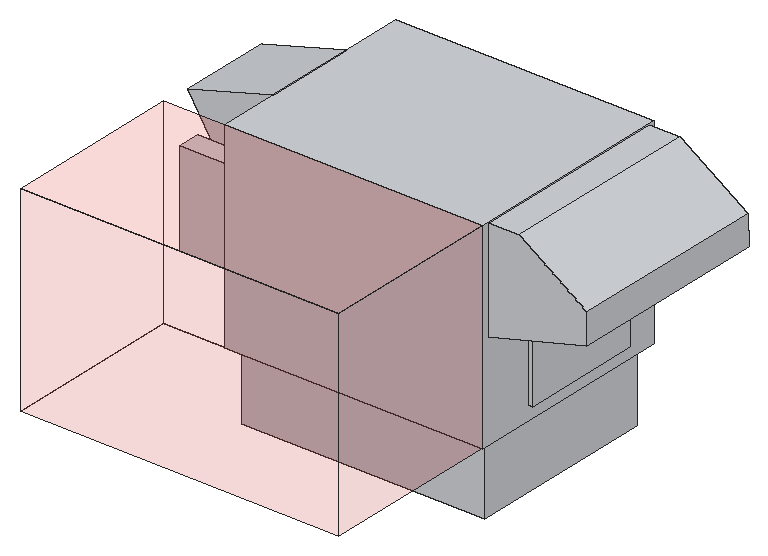
Revit family
Parameters (values of type "208 V Three Phase")
  Weight Scheduled [instance] = 488  # constant formula
  Voltage Workaround = Voltage / 1 V  # 208
  Voltage Scheduled = Voltage  # 208 V
  Voltage = 208 V
  VoltAmps Workaround [instance] = Voltage Workaround * Total FLA * sqrt(Phase)  # 0
  VoltAmps [instance] = VoltAmps Workaround * 1 VA  # 0 VA
  VFD [instance] = no
  URL = "http://www.renewaire.com/_assets/files/SubmittalForms/HE2XRTSubmittal.pdf"
  Total FLA [instance] = if(or(Supply Motor FLA = 0, Exhaust Motor FLA = 0), 0, (Supply Motor FLA * Supply Motor Count) + (Exhaust Motor FLA * Exhaust Motor Count))  # 0
  Supply Motor RPM Scheduled [instance] = Supply Motor RPM  # 0
  Supply Motor RPM [instance] = if(and(or(Supply ESP = 0, Supply ESP > 0), Supply ESP < 0.25), if(Supply Motor HP = 1.5, if(Supply CFM > 1970 CFM, 0, if(Supply CFM > 1765 CFM, 1504, if(Supply CFM > 1560 CFM, 1348, 1192))), if(Supply Motor HP = 2, if(Supply CFM > 2194 CFM, 0, if(Supply CFM > 2087 CFM, 1594, 1516)), 0)), if(and(or(Supply ESP = 0.25, Supply ESP > 0.25), Supply ESP < 0.5), if(Supply Motor HP = 1.5, if(Supply CFM > 1900 CFM, 0, if(Supply CFM > 1685 CFM, 1504, if(Supply CFM > 1460 CFM, 1348, 1192))), if(Supply Motor HP = 2, if(Supply CFM > 2110 CFM, 0, if(Supply CFM > 2000 CFM, 1594, 1516)), 0)), if(and(or(Supply ESP = 0.5, Supply ESP > 0.5), Supply ESP < 0.75), if(Supply Motor HP = 1.5, if(Supply CFM > 1800 CFM, 0, if(Supply CFM > 1560 CFM, 1504, if(Supply CFM > 1300 CFM, 1348, 1192))), if(Supply Motor HP = 2, if(Supply CFM > 2145 CFM, 0, if(Supply CFM > 2035 CFM, 1671, if(Supply CFM > 1915 CFM, 1594, 1516))), 0)), if(and(or(Supply ESP = 0.75, Supply ESP > 0.75), Supply ESP < 1), if(Supply Motor HP = 1.5, if(Supply CFM > 1670 CFM, 0, if(Supply CFM > 1380 CFM, 1504, if(Supply CFM > 1100 CFM, 1348, 1192))), if(Supply Motor HP = 2, if(Supply CFM > 2050 CFM, 0, if(Supply CFM > 1920 CFM, 1671, if(Supply CFM > 1775 CFM, 1594, 1516))), 0)), if(and(or(Supply ESP = 1, Supply ESP > 1), Supply ESP < 1.25), if(Supply Motor HP = 1.5, if(Supply CFM > 1500 CFM, 0, if(Supply CFM > 1210 CFM, 1504, if(Supply CFM > 845 CFM, 1348, 1192))), if(Supply Motor HP = 2, if(Supply CFM > 1905 CFM, 0, if(Supply CFM > 1765 CFM, 1671, if(Supply CFM > 1635 CFM, 1594, 1516))), 0)), if(and(or(Supply ESP = 1.25, Supply ESP > 1.25), Supply ESP < 1.5), if(Supply Motor HP = 1.5, if(Supply CFM > 1345 CFM, 0, if(Supply CFM > 945 CFM, 1504, 1348)), if(Supply Motor HP = 2, if(Supply CFM > 1775 CFM, 0, if(Supply CFM > 1630 CFM, 1671, if(Supply CFM > 1475 CFM, 1594, 1516))), 0)), if(Supply ESP = 1.5, if(Supply Motor HP = 1.5, if(Supply CFM > 1135 CFM, 0, if(Supply CFM > 650 CFM, 1504, 1348)), if(Supply Motor HP = 2, if(Supply CFM > 1640 CFM, 0, if(Supply CFM > 1470 CFM, 1671, if(Supply CFM > 1260 CFM, 1594, 1516))), 0)), 0)))))))  # 0
  Supply Motor HP Scheduled [instance] = Supply Motor HP  # 0
  Supply Motor HP [instance] = 0
  Supply Motor FLA [instance] = if(VFD, if(Supply Motor BHP = 0, 0, if(Supply Motor HP = 1.5, if(and(or(Voltage = 208 V, Voltage = 230 V), Phase = 1), 4.8, if(and(or(Voltage = 208 V, Voltage = 230 V), Phase = 3), 4.8, if(and(Voltage = 460 V, Phase = 3), 2.4, if(and(Voltage = 575 V, Phase = 3), 1.8, 0)))), if(Supply Motor HP = 2, if(and(or(Voltage = 208 V, Voltage = 230 V), Phase = 1), 6.1, if(and(or(Voltage = 208 V, Voltage = 230 V), Phase = 3), 6.1, if(and(Voltage = 460 V, Phase = 3), 2.9, if(and(Voltage = 575 V, Phase = 3), 2.4, 0)))), 0))), if(Supply Motor BHP = 0, 0, if(Supply Motor HP = 1.5, if(and(Voltage = 115 V, Phase = 1), 15.2, if(and(or(Voltage = 208 V, Voltage = 230 V), Phase = 1), 8.2, if(and(or(Voltage = 208 V, Voltage = 230 V), Phase = 3), 4.6, if(and(Voltage = 460 V, Phase = 3), 2.4, if(and(Voltage = 575 V, Phase = 3), 1.8, 0))))), if(Supply Motor HP = 2, if(and(Voltage = 115 V, Phase = 1), 20, if(and(or(Voltage = 208 V, Voltage = 230 V), Phase = 1), 10.8, if(and(or(Voltage = 208 V, Voltage = 230 V), Phase = 3), 6.1, if(and(Voltage = 460 V, Phase = 3), 2.9, if(and(Voltage = 575 V, Phase = 3), 2.4, 0))))), 0))))  # 0
  Supply Motor Count Scheduled [instance] = Supply Motor Count  # 0
  Supply Motor Count [instance] = if(Supply Motor HP = 0.75, 2, if(Supply Motor HP = 1.5, 1, if(Supply Motor HP = 2, 1, 0)))  # 0
  Supply Motor BHP [instance] = if(and(or(Supply ESP = 0, Supply ESP > 0), Supply ESP < 0.25), if(Supply Motor HP = 1.5, if(Supply CFM > 1970 CFM, 0, if(Supply CFM > 1765 CFM, 1.5, if(Supply CFM > 1560 CFM, 1.1, 0.7))), if(Supply Motor HP = 2, if(Supply CFM > 2194 CFM, 0, if(Supply CFM > 2087 CFM, 1.8, 1.6)), 0)), if(and(or(Supply ESP = 0.25, Supply ESP > 0.25), Supply ESP < 0.5), if(Supply Motor HP = 1.5, if(Supply CFM > 1900 CFM, 0, if(Supply CFM > 1685 CFM, 1.4, if(Supply CFM > 1460 CFM, 1, 0.7))), if(Supply Motor HP = 2, if(Supply CFM > 2110 CFM, 0, if(Supply CFM > 2000 CFM, 1.7, 1.5)), 0)), if(and(or(Supply ESP = 0.5, Supply ESP > 0.5), Supply ESP < 0.75), if(Supply Motor HP = 1.5, if(Supply CFM > 1800 CFM, 0, if(Supply CFM > 1560 CFM, 1.3, if(Supply CFM > 1300 CFM, 0.9, 0.6))), if(Supply Motor HP = 2, if(Supply CFM > 2145 CFM, 0, if(Supply CFM > 2035 CFM, 1.9, if(Supply CFM > 1915 CFM, 1.6, 1.4))), 0)), if(and(or(Supply ESP = 0.75, Supply ESP > 0.75), Supply ESP < 1), if(Supply Motor HP = 1.5, if(Supply CFM > 1670 CFM, 0, if(Supply CFM > 1380 CFM, 1.2, if(Supply CFM > 1100 CFM, 0.8, 0.5))), if(Supply Motor HP = 2, if(Supply CFM > 2050 CFM, 0, if(Supply CFM > 1920 CFM, 1.7, if(Supply CFM > 1775 CFM, 1.5, 1.2))), 0)), if(and(or(Supply ESP = 1, Supply ESP > 1), Supply ESP < 1.25), if(Supply Motor HP = 1.5, if(Supply CFM > 1500 CFM, 0, if(Supply CFM > 1210 CFM, 1.1, if(Supply CFM > 845 CFM, 0.7, 0.4))), if(Supply Motor HP = 2, if(Supply CFM > 1905 CFM, 0, if(Supply CFM > 1765 CFM, 1.5, if(Supply CFM > 1635 CFM, 1.3, 1.1))), 0)), if(and(or(Supply ESP = 1.25, Supply ESP > 1.25), Supply ESP < 1.5), if(Supply Motor HP = 1.5, if(Supply CFM > 1345 CFM, 0, if(Supply CFM > 945 CFM, 1, 0.6)), if(Supply Motor HP = 2, if(Supply CFM > 1775 CFM, 0, if(Supply CFM > 1630 CFM, 1.4, if(Supply CFM > 1475 CFM, 1.2, 1))), 0)), if(Supply ESP = 1.5, if(Supply Motor HP = 1.5, if(Supply CFM > 1135 CFM, 0, if(Supply CFM > 650 CFM, 0.8, 0.4)), if(Supply Motor HP = 2, if(Supply CFM > 1640 CFM, 0, if(Supply CFM > 1470 CFM, 1.3, if(Supply CFM > 1260 CFM, 1.1, 0.8))), 0)), 0)))))))  # 0
  Supply ESP Scheduled [instance] = Supply ESP  # 0
  Supply ESP [instance] = 0
  Supply CFM Scheduled [instance] = Supply CFM  # 0 CFM
  Supply CFM [instance] = 0 CFM
  Supply Air Winter RH Scheduled [instance] = 0
  Supply Air Winter DB Scheduled [instance] = 0
  Supply Air Summer RH Scheduled [instance] = 0
  Supply Air Summer DB Scheduled [instance] = 0
  Phase Scheduled = Phase  # 3
  Phase = 3
  Outside Air Winter RH Scheduled [instance] = 0
  Outside Air Winter DB Scheduled [instance] = 0
  Outside Air Summer RH Scheduled [instance] = 0
  Outside Air Summer DB Scheduled [instance] = 0
  Number of Poles = 3
  Model = "HE2XRTF"
  Manufacturer = "RenewAire"
  MOCP Scheduled [instance] = MOCP  # 0
  MOCP [instance] = if(VFD, if(Total FLA = 0, 0, if(and(or(Voltage = 208 V, Voltage = 230 V), Phase = 1), if(and(Supply Motor HP = 1.5, Exhaust Motor HP = 1.5), 25, if(and(Supply Motor HP = 2, Exhaust Motor HP = 1.5), 20, if(and(Supply Motor HP = 1.5, Exhaust Motor HP = 2), 20, if(and(Supply Motor HP = 2, Exhaust Motor HP = 2), 30, 0)))), if(and(or(Voltage = 208 V, Voltage = 230 V), Phase = 3), if(and(Supply Motor HP = 1.5, Exhaust Motor HP = 1.5), 15, if(and(Supply Motor HP = 2, Exhaust Motor HP = 1.5), 15, if(and(Supply Motor HP = 1.5, Exhaust Motor HP = 2), 15, if(and(Supply Motor HP = 2, Exhaust Motor HP = 2), 15, 0)))), if(and(Voltage = 460 V, Phase = 3), if(and(Supply Motor HP = 1.5, Exhaust Motor HP = 1.5), 15, if(and(Supply Motor HP = 2, Exhaust Motor HP = 1.5), 15, if(and(Supply Motor HP = 1.5, Exhaust Motor HP = 2), 15, if(and(Supply Motor HP = 2, Exhaust Motor HP = 2), 15, 0)))), if(and(Voltage = 575 V, Phase = 3), if(and(Supply Motor HP = 1.5, Exhaust Motor HP = 1.5), 15, if(and(Supply Motor HP = 2, Exhaust Motor HP = 1.5), 15, if(and(Supply Motor HP = 1.5, Exhaust Motor HP = 2), 15, if(and(Supply Motor HP = 2, Exhaust Motor HP = 2), 15, 0)))), 0))))), if(Total FLA = 0, 0, if(and(Voltage = 115 V, Phase = 1), if(and(Supply Motor HP = 1.5, Exhaust Motor HP = 1.5), 45, if(and(Supply Motor HP = 2, Exhaust Motor HP = 1.5), 60, if(and(Supply Motor HP = 1.5, Exhaust Motor HP = 2), 60, if(and(Supply Motor HP = 2, Exhaust Motor HP = 2), 60, 0)))), if(and(or(Voltage = 208 V, Voltage = 230 V), Phase = 1), if(and(Supply Motor HP = 1.5, Exhaust Motor HP = 1.5), 25, if(and(Supply Motor HP = 2, Exhaust Motor HP = 1.5), 30, if(and(Supply Motor HP = 1.5, Exhaust Motor HP = 2), 30, if(and(Supply Motor HP = 2, Exhaust Motor HP = 2), 35, 0)))), if(and(or(Voltage = 208 V, Voltage = 230 V), Phase = 3), if(and(Supply Motor HP = 1.5, Exhaust Motor HP = 1.5), 15, if(and(Supply Motor HP = 2, Exhaust Motor HP = 1.5), 15, if(and(Supply Motor HP = 1.5, Exhaust Motor HP = 2), 15, if(and(Supply Motor HP = 2, Exhaust Motor HP = 2), 15, 0)))), if(and(Voltage = 460 V, Phase = 3), if(and(Supply Motor HP = 1.5, Exhaust Motor HP = 1.5), 15, if(and(Supply Motor HP = 2, Exhaust Motor HP = 1.5), 15, if(and(Supply Motor HP = 1.5, Exhaust Motor HP = 2), 15, if(and(Supply Motor HP = 2, Exhaust Motor HP = 2), 15, 0)))), if(and(Voltage = 575 V, Phase = 3), if(and(Supply Motor HP = 1.5, Exhaust Motor HP = 1.5), 15, if(and(Supply Motor HP = 2, Exhaust Motor HP = 1.5), 15, if(and(Supply Motor HP = 1.5, Exhaust Motor HP = 2), 15, if(and(Supply Motor HP = 2, Exhaust Motor HP = 2), 15, 0)))), 0)))))))  # 0
  MCA Scheduled [instance] = MCA  # 0
  MCA [instance] = if(VFD, if(Total FLA = 0, 0, if(and(or(Voltage = 208 V, Voltage = 230 V), Phase = 1), if(and(Supply Motor HP = 1.5, Exhaust Motor HP = 1.5), 20.6, if(and(Supply Motor HP = 2, Exhaust Motor HP = 1.5), 23.6, if(and(Supply Motor HP = 1.5, Exhaust Motor HP = 2), 23.6, if(and(Supply Motor HP = 2, Exhaust Motor HP = 2), 26, 0)))), if(and(or(Voltage = 208 V, Voltage = 230 V), Phase = 3), if(and(Supply Motor HP = 1.5, Exhaust Motor HP = 1.5), 11.9, if(and(Supply Motor HP = 2, Exhaust Motor HP = 1.5), 13.6, if(and(Supply Motor HP = 1.5, Exhaust Motor HP = 2), 13.6, if(and(Supply Motor HP = 2, Exhaust Motor HP = 2), 15, 0)))), if(and(Voltage = 460 V, Phase = 3), if(and(Supply Motor HP = 1.5, Exhaust Motor HP = 1.5), 5.9, if(and(Supply Motor HP = 2, Exhaust Motor HP = 1.5), 6.6, if(and(Supply Motor HP = 1.5, Exhaust Motor HP = 2), 6.6, if(and(Supply Motor HP = 2, Exhaust Motor HP = 2), 7.2, 0)))), if(and(Voltage = 575 V, Phase = 3), if(and(Supply Motor HP = 1.5, Exhaust Motor HP = 1.5), 4.5, if(and(Supply Motor HP = 2, Exhaust Motor HP = 1.5), 5.3, if(and(Supply Motor HP = 1.5, Exhaust Motor HP = 2), 5.3, if(and(Supply Motor HP = 2, Exhaust Motor HP = 2), 5.9, 0)))), 0))))), if(Total FLA = 0, 0, if(and(Voltage = 115 V, Phase = 1), if(and(Supply Motor HP = 1.5, Exhaust Motor HP = 1.5), 34.2, if(and(Supply Motor HP = 2, Exhaust Motor HP = 1.5), 40.2, if(and(Supply Motor HP = 1.5, Exhaust Motor HP = 2), 40.2, if(and(Supply Motor HP = 2, Exhaust Motor HP = 2), 45, 0)))), if(and(or(Voltage = 208 V, Voltage = 230 V), Phase = 1), if(and(Supply Motor HP = 1.5, Exhaust Motor HP = 1.5), 18.5, if(and(Supply Motor HP = 2, Exhaust Motor HP = 1.5), 21.7, if(and(Supply Motor HP = 1.5, Exhaust Motor HP = 2), 21.7, if(and(Supply Motor HP = 2, Exhaust Motor HP = 2), 24.3, 0)))), if(and(or(Voltage = 208 V, Voltage = 230 V), Phase = 3), if(and(Supply Motor HP = 1.5, Exhaust Motor HP = 1.5), 11.9, if(and(Supply Motor HP = 2, Exhaust Motor HP = 1.5), 13.6, if(and(Supply Motor HP = 1.5, Exhaust Motor HP = 2), 13.6, if(and(Supply Motor HP = 2, Exhaust Motor HP = 2), 13.6, 0)))), if(and(Voltage = 460 V, Phase = 3), if(and(Supply Motor HP = 1.5, Exhaust Motor HP = 1.5), 5.4, if(and(Supply Motor HP = 2, Exhaust Motor HP = 1.5), 6, if(and(Supply Motor HP = 1.5, Exhaust Motor HP = 2), 6, if(and(Supply Motor HP = 2, Exhaust Motor HP = 2), 6.5, 0)))), if(and(Voltage = 575 V, Phase = 3), if(and(Supply Motor HP = 1.5, Exhaust Motor HP = 1.5), 4.1, if(and(Supply Motor HP = 2, Exhaust Motor HP = 1.5), 4.8, if(and(Supply Motor HP = 1.5, Exhaust Motor HP = 2), 4.8, if(and(Supply Motor HP = 2, Exhaust Motor HP = 2), 5.4, 0)))), 0)))))))  # 0
  FLA Scheduled [instance] = Total FLA  # 0
  Exhaust RH Scheduled [instance] = 0
  Exhaust Motor RPM Scheduled [instance] = Exhaust Motor RPM  # 0
  Exhaust Motor RPM [instance] = if(and(or(Exhaust ESP = 0, Exhaust ESP > 0), Exhaust ESP < 0.25), if(Exhaust Motor HP = 1.5, if(Exhaust CFM > 1970 CFM, 0, if(Exhaust CFM > 1765 CFM, 1504, if(Exhaust CFM > 1560 CFM, 1348, 1192))), if(Exhaust Motor HP = 2, if(Exhaust CFM > 2194 CFM, 0, if(Exhaust CFM > 2087 CFM, 1594, 1516)), 0)), if(and(or(Exhaust ESP = 0.25, Exhaust ESP > 0.25), Exhaust ESP < 0.5), if(Exhaust Motor HP = 1.5, if(Exhaust CFM > 1900 CFM, 0, if(Exhaust CFM > 1685 CFM, 1504, if(Exhaust CFM > 1460 CFM, 1348, 1192))), if(Exhaust Motor HP = 2, if(Exhaust CFM > 2110 CFM, 0, if(Exhaust CFM > 2000 CFM, 1594, 1516)), 0)), if(and(or(Exhaust ESP = 0.5, Exhaust ESP > 0.5), Exhaust ESP < 0.75), if(Exhaust Motor HP = 1.5, if(Exhaust CFM > 1800 CFM, 0, if(Exhaust CFM > 1560 CFM, 1504, if(Exhaust CFM > 1300 CFM, 1348, 1192))), if(Exhaust Motor HP = 2, if(Exhaust CFM > 2145 CFM, 0, if(Exhaust CFM > 2035 CFM, 1671, if(Exhaust CFM > 1915 CFM, 1594, 1516))), 0)), if(and(or(Exhaust ESP = 0.75, Exhaust ESP > 0.75), Exhaust ESP < 1), if(Exhaust Motor HP = 1.5, if(Exhaust CFM > 1670 CFM, 0, if(Exhaust CFM > 1380 CFM, 1504, if(Exhaust CFM > 1100 CFM, 1348, 1192))), if(Exhaust Motor HP = 2, if(Exhaust CFM > 2050 CFM, 0, if(Exhaust CFM > 1920 CFM, 1671, if(Exhaust CFM > 1775 CFM, 1594, 1516))), 0)), if(and(or(Exhaust ESP = 1, Exhaust ESP > 1), Exhaust ESP < 1.25), if(Exhaust Motor HP = 1.5, if(Exhaust CFM > 1500 CFM, 0, if(Exhaust CFM > 1210 CFM, 1504, if(Exhaust CFM > 845 CFM, 1348, 1192))), if(Exhaust Motor HP = 2, if(Exhaust CFM > 1905 CFM, 0, if(Exhaust CFM > 1765 CFM, 1671, if(Exhaust CFM > 1635 CFM, 1594, 1516))), 0)), if(and(or(Exhaust ESP = 1.25, Exhaust ESP > 1.25), Exhaust ESP < 1.5), if(Exhaust Motor HP = 1.5, if(Exhaust CFM > 1345 CFM, 0, if(Exhaust CFM > 945 CFM, 1504, 1348)), if(Exhaust Motor HP = 2, if(Exhaust CFM > 1775 CFM, 0, if(Exhaust CFM > 1630 CFM, 1671, if(Exhaust CFM > 1475 CFM, 1594, 1516))), 0)), if(Exhaust ESP = 1.5, if(Exhaust Motor HP = 1.5, if(Exhaust CFM > 1135 CFM, 0, if(Exhaust CFM > 650 CFM, 1504, 1348)), if(Exhaust Motor HP = 2, if(Exhaust CFM > 1640 CFM, 0, if(Exhaust CFM > 1470 CFM, 1671, if(Exhaust CFM > 1260 CFM, 1594, 1516))), 0)), 0)))))))  # 0
  Exhaust Motor HP Scheduled [instance] = Exhaust Motor HP  # 0
  Exhaust Motor HP [instance] = 0
  Exhaust Motor FLA [instance] = if(VFD, if(Exhaust Motor BHP = 0, 0, if(Exhaust Motor HP = 1.5, if(and(or(Voltage = 208 V, Voltage = 230 V), Phase = 1), 4.8, if(and(or(Voltage = 208 V, Voltage = 230 V), Phase = 3), 4.8, if(and(Voltage = 460 V, Phase = 3), 2.4, if(and(Voltage = 575 V, Phase = 3), 1.8, 0)))), if(Exhaust Motor HP = 2, if(and(or(Voltage = 208 V, Voltage = 230 V), Phase = 1), 6.1, if(and(or(Voltage = 208 V, Voltage = 230 V), Phase = 3), 6.1, if(and(Voltage = 460 V, Phase = 3), 2.9, if(and(Voltage = 575 V, Phase = 3), 2.4, 0)))), 0))), if(Exhaust Motor BHP = 0, 0, if(Exhaust Motor HP = 1.5, if(and(Voltage = 115 V, Phase = 1), 15.2, if(and(or(Voltage = 208 V, Voltage = 230 V), Phase = 1), 8.2, if(and(or(Voltage = 208 V, Voltage = 230 V), Phase = 3), 4.6, if(and(Voltage = 460 V, Phase = 3), 2.4, if(and(Voltage = 575 V, Phase = 3), 1.8, 0))))), if(Exhaust Motor HP = 2, if(and(Voltage = 115 V, Phase = 1), 20, if(and(or(Voltage = 208 V, Voltage = 230 V), Phase = 1), 10.8, if(and(or(Voltage = 208 V, Voltage = 230 V), Phase = 3), 6.1, if(and(Voltage = 460 V, Phase = 3), 2.9, if(and(Voltage = 575 V, Phase = 3), 2.4, 0))))), 0))))  # 0
  Exhaust Motor Count Scheduled [instance] = Exhaust Motor Count  # 0
  Exhaust Motor Count [instance] = if(Exhaust Motor HP = 0.75, 2, if(Exhaust Motor HP = 1.5, 1, if(Exhaust Motor HP = 2, 1, 0)))  # 0
  Exhaust Motor BHP [instance] = if(and(or(Exhaust ESP = 0, Exhaust ESP > 0), Exhaust ESP < 0.25), if(Exhaust Motor HP = 1.5, if(Exhaust CFM > 1970 CFM, 0, if(Exhaust CFM > 1765 CFM, 1.5, if(Exhaust CFM > 1560 CFM, 1.1, 0.7))), if(Exhaust Motor HP = 2, if(Exhaust CFM > 2194 CFM, 0, if(Exhaust CFM > 2087 CFM, 1.8, 1.6)), 0)), if(and(or(Exhaust ESP = 0.25, Exhaust ESP > 0.25), Exhaust ESP < 0.5), if(Exhaust Motor HP = 1.5, if(Exhaust CFM > 1900 CFM, 0, if(Exhaust CFM > 1685 CFM, 1.4, if(Exhaust CFM > 1460 CFM, 1, 0.7))), if(Exhaust Motor HP = 2, if(Exhaust CFM > 2110 CFM, 0, if(Exhaust CFM > 2000 CFM, 1.7, 1.5)), 0)), if(and(or(Exhaust ESP = 0.5, Exhaust ESP > 0.5), Exhaust ESP < 0.75), if(Exhaust Motor HP = 1.5, if(Exhaust CFM > 1800 CFM, 0, if(Exhaust CFM > 1560 CFM, 1.3, if(Exhaust CFM > 1300 CFM, 0.9, 0.6))), if(Exhaust Motor HP = 2, if(Exhaust CFM > 2145 CFM, 0, if(Exhaust CFM > 2035 CFM, 1.9, if(Exhaust CFM > 1915 CFM, 1.6, 1.4))), 0)), if(and(or(Exhaust ESP = 0.75, Exhaust ESP > 0.75), Exhaust ESP < 1), if(Exhaust Motor HP = 1.5, if(Exhaust CFM > 1670 CFM, 0, if(Exhaust CFM > 1380 CFM, 1.2, if(Exhaust CFM > 1100 CFM, 0.8, 0.5))), if(Exhaust Motor HP = 2, if(Exhaust CFM > 2050 CFM, 0, if(Exhaust CFM > 1920 CFM, 1.7, if(Exhaust CFM > 1775 CFM, 1.5, 1.2))), 0)), if(and(or(Exhaust ESP = 1, Exhaust ESP > 1), Exhaust ESP < 1.25), if(Exhaust Motor HP = 1.5, if(Exhaust CFM > 1500 CFM, 0, if(Exhaust CFM > 1210 CFM, 1.1, if(Exhaust CFM > 845 CFM, 0.7, 0.4))), if(Exhaust Motor HP = 2, if(Exhaust CFM > 1905 CFM, 0, if(Exhaust CFM > 1765 CFM, 1.5, if(Exhaust CFM > 1635 CFM, 1.3, 1.1))), 0)), if(and(or(Exhaust ESP = 1.25, Exhaust ESP > 1.25), Exhaust ESP < 1.5), if(Exhaust Motor HP = 1.5, if(Exhaust CFM > 1345 CFM, 0, if(Exhaust CFM > 945 CFM, 1, 0.6)), if(Exhaust Motor HP = 2, if(Exhaust CFM > 1775 CFM, 0, if(Exhaust CFM > 1630 CFM, 1.4, if(Exhaust CFM > 1475 CFM, 1.2, 1))), 0)), if(Exhaust ESP = 1.5, if(Exhaust Motor HP = 1.5, if(Exhaust CFM > 1135 CFM, 0, if(Exhaust CFM > 650 CFM, 0.8, 0.4)), if(Exhaust Motor HP = 2, if(Exhaust CFM > 1640 CFM, 0, if(Exhaust CFM > 1470 CFM, 1.3, if(Exhaust CFM > 1260 CFM, 1.1, 0.8))), 0)), 0)))))))  # 0
  Exhaust ESP Scheduled [instance] = Exhaust ESP  # 0
  Exhaust ESP [instance] = 0
  Exhaust DB Scheduled [instance] = 0
  Exhaust CFM Scheduled [instance] = Exhaust CFM  # 0 CFM
  Exhaust CFM [instance] = 0 CFM
  Enthalpy Effect Winter Scheduled [instance] = 0
  Enthalpy Effect Summer Scheduled [instance] = 0
Types (9): name | Voltage Workaround | Voltage Scheduled | Voltage | VFD | Phase Scheduled | Phase | Number of Poles
  (no name) | 208 | 208 V | 208 V | no | 3 | 3 | 3
  115 V Single Phase | 115 | 115 V | 115 V | yes | 1 | 1 | 1
  208 V Single Phase | 208 | 208 V | 208 V | yes | 1 | 1 | 2
  230 V Single Phase | 230 | 230 V | 230 V | yes | 1 | 1 | 2
  277 V Single Phase | 277 | 277 V | 277 V | yes | 1 | 1 | 1
  208 V Three Phase | 208 | 208 V | 208 V | no | 3 | 3 | 3
  230 V Three Phase | 230 | 230 V | 230 V | yes | 3 | 3 | 3
  460 V Three Phase | 460 | 460 V | 460 V | yes | 3 | 3 | 3
  575 V Three Phase | 575 | 575 V | 575 V | yes | 3 | 3 | 3
Reference planes (in)
  plane 1 "Center (Front/Back)": y = 0
  plane 2: z = 0
  plane 3 "Center (Left/Right)": x = 0
Forms (in)
  Extrusion 1, solid
    sketch origin (0, 0, 0) x (1, 0, 0) y (0, 1, 0)
      loop
        line (-25.5, 21.125) -> (-25.5, -21.125) -> (25.5, -21.125) -> (25.5, 21.125) -> (-25.5, 21.125)
    from 14 to 53.375
  Extrusion 2, solid
    sketch origin (0, -1, 0) x (1, 0, 0) y (0, 1, 0)
      loop
        line (-24, 19.8125) -> (-24, -17.8125) -> (24, -17.8125) -> (24, 19.8125) -> (-24, 19.8125)
    from 0 to 14
  Extrusion 3, solid
    sketch origin (0, 0, 0) x (1, 0, 0) y (0, 0, 1)
      loop
        line (-25.5625, 53.375) -> (-42.375, 48.58032) -> (-32.5625, 32.625) -> (-25.5625, 32.625) -> (-25.5625, 53.375)
    from -9.125 to 9.125
  Extrusion 4, solid
    sketch origin (-25.5, 21.1405, 11.125) x (0, 1, 0) y (0, 0, -1)
      loop
        line (-33.8905, -32.625) -> (-33.8905, -14) -> (-38.3905, -14) -> (-38.3905, -32.625) -> (-33.8905, -32.625)
    from 0 to 12
  Extrusion 5, solid
    sketch origin (25.5, 22.74165, 0) x (0, -1, 0) y (0, 0, -1)
      loop
        line (32.86665, -31) -> (32.86665, -17) -> (8.86665, -17) -> (8.86665, -31) -> (32.86665, -31)
    from 0 to 1
  Extrusion 6, solid
    sketch origin (0, 0, 0) x (1, 0, 0) y (0, 1, 0)
      loop
        line (-37.5, -21.125) -> (-37.5, -56.625) -> (25.5, -56.625) -> (25.5, -21.125) -> (-37.5, -21.125)
    from 14 to 53.375
  Extrusion 7, solid
    sketch origin (0, 0, 0) x (1, 0, 0) y (0, 0, 1)
      loop
        line (25.5, 53.375) -> (25.5, 33.35848) -> (45.125, 38.54469) -> (45.125, 44.54469) -> (31.5625, 53.375) -> (25.5, 53.375)
    from -19.8125 to 20
  Extrusion 8, solid
    sketch origin (-25.5, 22.74165, 0) x (0, -1, 0) y (0, 0, 1)
      loop
        line (32.86665, 31) -> (8.86665, 31) -> (8.86665, 17) -> (32.86665, 17) -> (32.86665, 31)
    from 0 to 1
Cuts and joins
  joined: Extrusion 1, Extrusion 2, Extrusion 3, Extrusion 4, Extrusion 5
Lines and regions (in)
  symbolic lines
    curve 1: line (31.5, 0, 0) -> (31.5, -20, 0)
    curve 2: line (31.5, 0, 0) -> (31.5, 20, 0)
Dimensions and locks (in)
  equal spacing: Extrusion 1 sketch curve, plane 3 "Center (Left/Right)", Extrusion 1 sketch curve
  equal spacing: Extrusion 1 sketch curve, plane 1 "Center (Front/Back)", Extrusion 1 sketch curve
  plane 1 "Center (Front/Back)" to Extrusion 1 sketch curve = 1' - 9 1/8"
  Extrusion 1 sketch curve to plane 3 "Center (Left/Right)" = 2' - 1 1/2"
Connectors (in)
  electrical at (-31.5, -15, 25.125), driven by "Voltage", driven by "VoltAmps", driven by "Number of Poles"
    settings: on Extrusion 4, index 3, voltage 208 V, apparent load 0 VA, apparent load phase1 0 VA, apparent load phase2 0 VA, apparent load phase3 0 VA, power factor 1, load classification "HVAC", number of poles 3, system type 30, power factor state 1, is connector primary yes, connector utility no, sub classification motor no, connector description ""
  hvac at (26.5, 1.875, 24), driven by "Exhaust CFM"
    settings: on Extrusion 5, index 4, duct flow 0 CFM, flow factor 0, pres drop 0.00 in-wg, loss coef 0, conn angle 0.00°, conn width 24", conn height 14", conn radius 12", duct sys type 3, conn prof type 1, flow config 0, flow direction 1, loss method 0, conn ref index -1, conn util no, is conn primary yes, conn desc ""
  hvac at (-26.5, 1.875, 24), driven by "Supply CFM"
    settings: on Extrusion 8, index 5, duct flow 0 CFM, flow factor 0, pres drop 0.00 in-wg, loss coef 0, conn angle 0.00°, conn width 24", conn height 14", conn radius 12", duct sys type 1, conn prof type 1, flow config 0, flow direction 2, loss method 0, conn ref index -1, conn util no, is conn primary no, conn desc ""
